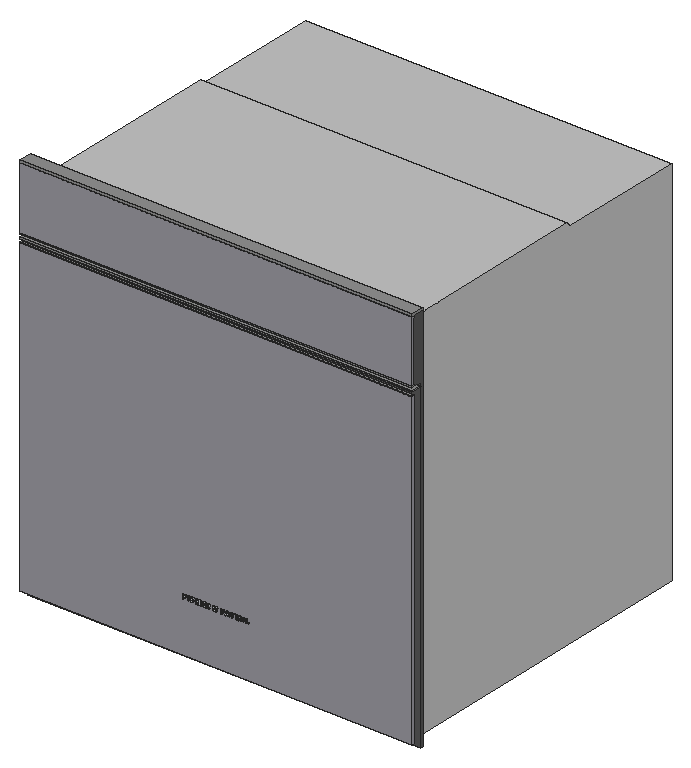
Revit family "FP-Revit20-en-OS60SMTNB1-OS60SMTNG1-SteamOven-0-90003586A-AU-NZ-SG-IE-UK-CN", category Specialty Equipment, Revit 2020
Family settings
  Round Connector Dimension = Use Diameter
  Part Type = Normal
  OmniClass Number = 23.40.40.14.17.11
  OmniClass Title = Cookers, Ovens, Stoves
  Work Plane-Based = No
  Always vertical = Yes
  Cut with Voids When Loaded = Yes
  Shared = No
  Room Calculation Point = No
Parameters (values of type "OS60SMTNG1 (Grey Glass)")
  Visibility - Clearance Required = yes
  URL = "www.fisherpaykel.com"
  Product - Height = 598 mm  # constant formula
  Product - Width = 596 mm  # constant formula
  Product - Depth (Exc. Handles) = 565 mm  # constant formula
  Opening - Height = 487 mm  # constant formula
  Model = "OS60SMTNG1"
  Material - Trim = Fisher & Paykel - Aluminium, Dark
  Material - Structure = Fisher & Paykel - Black
  Material - Glass = Fisher & Paykel - Glass, Grey
  Material - Body = Fisher & Paykel - Grey
  Manufacturer = "Fisher & Paykel Appliances"
  FFL Offset [instance] = 900 mm
  Description = "Combination Steam Oven, 60cm, 23 Function"
  Default Elevation = 0 mm
  Connector Description - Electrical = "220-240V, 50Hz, 20A"
  Chassis - Width = 556 mm  # constant formula
  Chassis - Height = 575 mm  # constant formula
  Chassis - Depth = 545 mm  # constant formula
  Cavity - Width = 560 mm  # constant formula
  Cavity - Height = 580 mm  # constant formula
  Cavity - Depth = 550 mm  # constant formula
Types (2, lengths in mm): name | Model | Material - Glass
  OS60MTNB1 (Black Glass) | "OS60NMTNB1" | Fisher & Paykel - Glass, Black
  OS60SMTNG1 (Grey Glass) | "OS60SMTNG1" | Fisher & Paykel - Glass, Grey
Reference planes
  plane 1 "Datum": y = 0
  plane 2: z = -2
  plane 3 "Center (Left/Right)": x = 0
  plane 4 "Product - LHS": x = -298
  plane 5 "Product - RHS": x = 298
  plane 6 "Cavity - RHS": x = 280
  plane 7 "FFL Offset": z = 898
  plane 8 "Chassis - Depth": y = 545
  plane 9 "Front Face": y = -20
  plane 10 "Chassis - Height": z = 1473
  plane 11 "Cavity - Height": z = 1478
  plane 12 "Opening - Height": z = 1385
  plane 13 "Cavity - LHS": x = -280
  plane 14 "Cavity - Depth": y = 550
  plane 15 "Product - Height": z = 1496
  plane 16 "Opening - RHS": x = 300
  plane 17 "Opening - LHS": x = -300
  plane 18 "Chassis - LHS": x = -278
  plane 19 "Chassis RHS": x = 278
Forms (mm)
  Extrusion 1, solid, material "Fisher & Paykel - Grey" <- "Material - Body"
    sketch origin (0, 0, 0) x (0, 1, 0) y (0, 0, 1)
      loop
        line (0, 1473) -> (0, 898) -> (528, 898) -> (528, 1088) -> (545, 1108) -> (545, 1330) -> (498, 1385) -> (498, 1466) -> (305, 1466) -> (298, 1473) -> (0, 1473)
    from -278 to 278
  Extrusion 2, solid, material "Fisher & Paykel - Black" <- "Material - Structure", detail levels fine
    sketch origin (0, 0, 0) x (0, 1, 0) y (0, 0, 1)
      loop
        line (0, 1492.7) -> (-16, 1492.7) -> (-16, 1396) -> (-4, 1396) -> (-4, 898) -> (0, 898) -> (0, 1492.7)
    from -298 to 298
  Extrusion 3, solid, material "Fisher & Paykel - Glass, Grey" <- "Material - Glass", detail levels fine
    sketch origin (0, 0, -3) x (0, 1, 0) y (0, 0, 1)
      loop
        line (-20, 1386.4) -> (-20, 912.8) -> (-16, 912.8) -> (-16, 1386.4) -> (-20, 1386.4)
      loop
        line (-20, 1400.8) -> (-16, 1400.8) -> (-16, 1495.7) -> (-20, 1495.7) -> (-20, 1400.8)
    from -298 to 298
  Extrusion 4, solid, material "Fisher & Paykel - Clearance Required", visible <- "Visibility - Clearance Required", detail levels coarse
    sketch origin (0, 0, -2) x (1, 0, 0) y (0, 1, 0)
      loop
        line (-280, 0) -> (280, 0) -> (280, 550) -> (-280, 550) -> (-280, 0)
    from 900 to 1480
  Extrusion 5, void
    sketch origin (0, 0, 0) x (0, 1, 0) y (0, 0, 1)
      loop
        line (-20, 898) -> (0, 898) -> (0, 1385) -> (-20, 1385) -> (-20, 898)
    from -300 to 300
  Extrusion 6, solid, material "Fisher & Paykel - Grey" <- "Material - Body"
    sketch origin (0, 2, 0) x (0, 1, 0) y (0, 0, 1)
      loop
        line (496, 1433.999) -> (496, 1377) -> (517.999, 1377) -> (517.999, 1433.999) -> (496, 1433.999)
    from -221 to -127
  Extrusion 7, solid, material "Fisher & Paykel - Aluminium, Dark" <- "Material - Trim", detail levels fine
    sketch origin (0, 0, -1.199) x (0, 1, 0) y (0, 0, 1)
      loop
        line (-16, 1397.199) -> (-16, 1398.999) -> (-20, 1398.999) -> (-20, 1397.199) -> (-16, 1397.199)
      loop
        line (-16, 1384.599) -> (-16, 1386.199) -> (-20, 1386.199) -> (-20, 1384.599) -> (-16, 1384.599)
      loop
        line (-4, 1390.799) -> (-4, 1392.399) -> (-20, 1392.399) -> (-20, 1390.799) -> (-4, 1390.799)
      loop
        line (0, 1493.899) -> (0, 1497.199) -> (-20, 1497.199) -> (-20, 1493.899) -> (0, 1493.899)
    from -298 to 298
  Extrusion 8, void
    sketch origin (0, 0, -2) x (1, 0, 0) y (0, 1, 0)
      loop
        line (201.865, 545) -> (229, 498) -> (278, 498) -> (278, 545) -> (201.865, 545)
      loop
        line (-201.865, 545) -> (-278, 545) -> (-278, 498) -> (-229, 498) -> (-201.865, 545)
    from 900 to 1480
  Extrusion 9, solid, material "Fisher & Paykel - Grey" <- "Material - Body"
    sketch origin (0, 6.626, -14.403) x (0, 1, 0) y (0, 0, 1)
      loop
        circle (501.374, 1419.903) r 5
    from -271 to -221
  Extrusion 10, void
    sketch origin (0, 0, -2) x (1, 0, 0) y (0, 1, 0)
      loop
        line (-280, 0) -> (280, 0) -> (280, 550) -> (-280, 550) -> (-280, 0)
    from 900 to 1480
  Extrusion 11, solid, material "Fisher & Paykel - Glass, Grey" <- "Material - Glass", detail levels coarse+medium
    sketch origin (0, 0, 0) x (0, 1, 0) y (0, 0, 1)
      loop
        line (0, 1496) -> (-20, 1496) -> (-20, 1396) -> (-4, 1396) -> (-4, 1391.2) -> (-4, 1382.5) -> (-16, 1382.5) -> (-16, 1385) -> (-20, 1385) -> (-20, 909.8) -> (-4, 909.8) -> (-4, 898) -> (0, 898) -> (0, 1496)
    from -298 to 298
  Extrusion 12, solid, material "Fisher & Paykel - Black", detail levels fine
    sketch origin (0, 0, 0) x (0, 1, 0) y (0, 0, 1)
      loop
        line (-16, 1382.5) -> (-16, 909.8) -> (-4, 909.8) -> (-4, 1382.5) -> (-16, 1382.5)
    from -278 to 278
  Extrusion 13, solid, material "Fisher & Paykel - Clearance Required", visible <- "Visibility - Clearance Required", detail levels coarse
    sketch origin (0, 0, -15) x (0, 1, 0) y (0, 0, 1)
      loop
        line (-20, 927.07) -> (-20, 913) -> (0, 913) -> (0, 1400) -> (-20, 1400)
        arc (-20, 1400) -> (-341.757, 1283.845) -> (-490.153, 975.626) r 452.282
        line (-490.153, 975.626) -> (-20, 927.07)
    from -300 to 300
Cuts and joins
  Extrusion 8 cuts Extrusion 1
Text (mm)
  text "Due to ongoing product development, product details are subject to change without notice. \nPlease always refer to www.fisherpaykel.com for the most current product information. \n© Fisher & Paykel 2020" at (41.04, -613.295, 0), in view "Ref. Level (Plan)"
Dimensions and locks
  equal spacing: plane 4 "Product - LHS", plane 3 "Center (Left/Right)", plane 5 "Product - RHS"
  "Product - Width": plane 4 "Product - LHS" to plane 5 "Product - RHS"
  "FFL Offset": plane 7 "FFL Offset" to level
  locked: plane 9 "Front Face" to plane 1 "Datum" at 20
  "Cavity - Height": plane 11 "Cavity - Height" to plane 7 "FFL Offset"
  "Chassis - Height": plane 10 "Chassis - Height" to plane 7 "FFL Offset"
  "Cavity - Depth": plane 1 "Datum" to plane 14 "Cavity - Depth"
  "Cavity - Width": plane 13 "Cavity - LHS" to plane 6 "Cavity - RHS"
  Extrusion 5 to Extrusion 3 = 11.8 mm
  "Chassis - Depth": plane 1 "Datum" to plane 8 "Chassis - Depth"
  equal spacing: plane 13 "Cavity - LHS", plane 3 "Center (Left/Right)", plane 6 "Cavity - RHS"
  "Opening - Height": plane 7 "FFL Offset" to plane 12 "Opening - Height"
  "Product - Height": plane 7 "FFL Offset" to plane 15 "Product - Height"
  equal spacing: cut or joined group of Extrusion 1, Extrusion 8, plane 3 "Center (Left/Right)", cut or joined group of Extrusion 1, Extrusion 8
  "Chassis - Width": cut or joined group of Extrusion 1, Extrusion 8 to cut or joined group of Extrusion 1, Extrusion 8
  nested 1 to plane 15 "Product - Height" = 506 mm
  plane 8 "Chassis - Depth" to plane 9 "Front Face" = 565 mm
  Extrusion 1 sketch curve to Extrusion 1 sketch curve = 190 mm
  locked: nested 1 to Extrusion 13 at 92
  aligned and locked: level to plane 2
  aligned and locked: plane 4 "Product - LHS" to Extrusion 3
  aligned and locked: Extrusion 3 to plane 5 "Product - RHS"
  aligned and locked: plane 4 "Product - LHS" to Extrusion 2
  aligned and locked: Extrusion 2 to plane 5 "Product - RHS"
  aligned and locked: Extrusion 1 to plane 7 "FFL Offset"
  aligned and locked: Extrusion 7 to plane 5 "Product - RHS"
  aligned and locked: Extrusion 7 to Extrusion 3
  aligned and locked: Extrusion 3 to Extrusion 5
  aligned and locked: Extrusion 3 to Extrusion 7
  aligned and locked: Extrusion 7 to plane 1 "Datum"
  aligned and locked: plane 9 "Front Face" to Extrusion 5
  aligned and locked: Extrusion 4 to plane 6 "Cavity - RHS"
  aligned and locked: Extrusion 9 to Extrusion 6
  aligned and locked: plane 11 "Cavity - Height" to Extrusion 4
  aligned and locked: Extrusion 5 to plane 12 "Opening - Height"
  aligned and locked: Extrusion 5 to Extrusion 2
  aligned and locked: Extrusion 7 to plane 15 "Product - Height"
  aligned and locked: Extrusion 7 to Extrusion 2
  aligned and locked: Extrusion 8 to Extrusion 1
  aligned and locked: Extrusion 4 to Extrusion 2
  aligned and locked: Extrusion 4 to Extrusion 8
  aligned and locked: Extrusion 4 to plane 7 "FFL Offset"
  aligned and locked: Extrusion 1 to Extrusion 8
  aligned and locked: Extrusion 11 sketch curve to plane 15 "Product - Height"
  aligned and locked: plane 11 "Cavity - Height" to Extrusion 10
  aligned and locked: Extrusion 2 to Extrusion 10
  aligned and locked: plane 10 "Chassis - Height" to Extrusion 1
  aligned and locked: Extrusion 3 to Extrusion 12
  aligned and locked: Extrusion 2 to Extrusion 3
Automatic sketch dimensions
  Extrusion 2 sketch curve to plane 7 "FFL Offset" = 0 mm
  Extrusion 2 sketch curve to plane 1 "Datum" = 0 mm
  plane 1 "Datum" to Extrusion 2 sketch curve = 4 mm
  Extrusion 2 sketch curve to plane 9 "Front Face" = 4 mm
  Extrusion 2 sketch curve to plane 10 "Chassis - Height" = 77 mm
  plane 15 "Product - Height" to Extrusion 2 sketch curve = 3.3 mm
  Extrusion 3 sketch curve to plane 9 "Front Face" = 0 mm  (x2)
  Extrusion 3 sketch curve to Extrusion 3 sketch curve = 4 mm  (x2)
  plane 7 "FFL Offset" to Extrusion 3 sketch curve = 11.8 mm
  Extrusion 3 sketch curve to plane 10 "Chassis - Height" = 89.6 mm
  Extrusion 3 sketch curve to Extrusion 3 sketch curve = 14.4 mm
  plane 15 "Product - Height" to Extrusion 3 sketch curve = 3.3 mm
  Extrusion 4 sketch curve to plane 13 "Cavity - LHS" = 0 mm
  Extrusion 4 sketch curve to plane 6 "Cavity - RHS" = 0 mm
  plane 1 "Datum" to Extrusion 4 sketch curve = 0 mm
  Extrusion 4 sketch curve to plane 14 "Cavity - Depth" = 0 mm
  Extrusion 5 sketch curve to plane 9 "Front Face" = 0 mm
  Extrusion 5 sketch curve to plane 1 "Datum" = 0 mm
  Extrusion 5 sketch curve to plane 7 "FFL Offset" = 0 mm
  plane 12 "Opening - Height" to Extrusion 5 sketch curve = 0 mm
  Extrusion 6 sketch curve to Extrusion 6 sketch curve = 21.999 mm
  Extrusion 6 sketch curve to plane 10 "Chassis - Height" = 96 mm
  Extrusion 6 sketch curve to plane 10 "Chassis - Height" = 39.001 mm
  Extrusion 7 sketch curve to plane 9 "Front Face" = 0 mm  (x4)
  Extrusion 7 sketch curve to plane 1 "Datum" = 0 mm
  plane 15 "Product - Height" to Extrusion 7 sketch curve = 0 mm
  Extrusion 7 sketch curve to Extrusion 7 sketch curve = 4 mm  (x2)
  plane 1 "Datum" to Extrusion 7 sketch curve = 4 mm
  plane 15 "Product - Height" to Extrusion 7 sketch curve = 3.3 mm
  Extrusion 7 sketch curve to plane 10 "Chassis - Height" = 75.2 mm
  Extrusion 7 sketch curve to Extrusion 7 sketch curve = 1.8 mm
  Extrusion 7 sketch curve to Extrusion 7 sketch curve = 4.8 mm
  Extrusion 7 sketch curve to Extrusion 7 sketch curve = 1.6 mm  (x2)
  Extrusion 7 sketch curve to Extrusion 7 sketch curve = 4.6 mm
  Extrusion 8 sketch curve to plane 8 "Chassis - Depth" = 0 mm  (x2)
  Extrusion 8 sketch curve to plane 18 "Chassis - LHS" = 0 mm
  Extrusion 8 sketch curve to plane 19 "Chassis RHS" = 0 mm
  Extrusion 8 sketch curve to Extrusion 8 sketch curve = 49 mm  (x2)
  Extrusion 8 sketch curve to Extrusion 8 sketch curve = 27.135 mm
  Extrusion 8 sketch curve to Extrusion 8 sketch curve = 76.135 mm
  Extrusion 9 sketch curve to plane 10 "Chassis - Height" = 67.5 mm
  Extrusion 10 sketch curve to plane 13 "Cavity - LHS" = 0 mm
  Extrusion 10 sketch curve to plane 6 "Cavity - RHS" = 0 mm
  plane 1 "Datum" to Extrusion 10 sketch curve = 0 mm
  Extrusion 10 sketch curve to plane 14 "Cavity - Depth" = 0 mm
  Extrusion 11 sketch curve to plane 9 "Front Face" = 0 mm  (x2)
  Extrusion 11 sketch curve to plane 7 "FFL Offset" = 0 mm
  Extrusion 11 sketch curve to plane 1 "Datum" = 0 mm
  Extrusion 11 sketch curve to Extrusion 11 sketch curve = 4 mm
  plane 1 "Datum" to Extrusion 11 sketch curve = 4 mm  (x2)
  plane 7 "FFL Offset" to Extrusion 11 sketch curve = 11.8 mm
  Extrusion 11 sketch curve to plane 10 "Chassis - Height" = 90.5 mm
  Extrusion 11 sketch curve to Extrusion 11 sketch curve = 2.5 mm
  Extrusion 11 sketch curve to Extrusion 11 sketch curve = 8.7 mm
  Extrusion 11 sketch curve to Extrusion 11 sketch curve = 11 mm
  Extrusion 12 sketch curve to plane 9 "Front Face" = 4 mm
  plane 1 "Datum" to Extrusion 12 sketch curve = 4 mm
  plane 7 "FFL Offset" to Extrusion 12 sketch curve = 11.8 mm
  Extrusion 12 sketch curve to plane 10 "Chassis - Height" = 90.5 mm
  Extrusion 6 sketch curve to plane 8 "Chassis - Depth" = 47 mm
  Extrusion 8 sketch curve to plane 8 "Chassis - Depth" = 47 mm  (x2)
  Extrusion 9 sketch curve to plane 8 "Chassis - Depth" = 37 mm
  Extrusion 13 sketch curve to plane 7 "FFL Offset" = 0 mm
  Extrusion 13 sketch curve to plane 9 "Front Face" = 0 mm  (x3)
  Extrusion 13 sketch curve to plane 1 "Datum" = 0 mm
  plane 12 "Opening - Height" to Extrusion 13 sketch curve = 0 mm  (x2)
  plane 9 "Front Face" to Extrusion 13 sketch curve = 18.71 mm
  plane 7 "FFL Offset" to Extrusion 13 sketch curve = 14.07 mm
  Extrusion 13 sketch curve to Extrusion 13 sketch curve = 21.035 mm
  plane 7 "FFL Offset" to Extrusion 13 sketch curve = 62.626 mm
  Extrusion 1 sketch curve to plane 1 "Datum" = 0 mm
  Extrusion 1 sketch curve to plane 10 "Chassis - Height" = 0 mm
  plane 12 "Opening - Height" to Extrusion 1 sketch curve = 0 mm
  Extrusion 1 sketch curve to plane 7 "FFL Offset" = 0 mm
  Extrusion 1 sketch curve to plane 8 "Chassis - Depth" = 0 mm
  Extrusion 1 sketch curve to plane 8 "Chassis - Depth" = 247 mm
  Extrusion 1 sketch curve to Extrusion 1 sketch curve = 7 mm
  Extrusion 1 sketch curve to plane 10 "Chassis - Height" = 7 mm
  Extrusion 1 sketch curve to plane 8 "Chassis - Depth" = 47 mm
  Extrusion 1 sketch curve to plane 8 "Chassis - Depth" = 17 mm
  Extrusion 1 sketch curve to Extrusion 1 sketch curve = 20 mm
  plane 12 "Opening - Height" to Extrusion 1 sketch curve = 55 mm
  radius of Extrusion 9 sketch curve = 5 mm
Nested families
  nested 1: "F&P Logo 100mm" at (0.044, -20, 987.195), type "Grey"
Connectors
  electrical at (-174, 519.999, 1405.5)
    settings: on Extrusion 6, index 1, voltage 240 V, apparent load 0 VA, apparent load phase1 0 VA, apparent load phase2 0 VA, apparent load phase3 0 VA, power factor 1, load classification "Other", number of poles 1, system type 31, power factor state 1, is connector primary yes, connector utility no, sub classification motor no, connector description ""
Definition of nested family "F&P Logo 100mm"
  Parameters (values of type "Grey")
    URL = "www.fisherpaykel.com"
    Material - Logo = none
    Manufacturer = "Fisher & Paykel Appliances"
    Default Elevation = 0 mm
  Reference planes
    plane 1 "Center (Front/Back)": y = 0
    plane 2: z = 0
    plane 3 "Center (Left/Right)": x = 0
    plane 4 "Logo": z = 2.805
  Forms (mm)
    Extrusion 1, solid, material <- "Material - Logo", detail levels fine
      sketch origin (0, 0, 0) x (1, 0, 0) y (0, 0, 1)
        loop
          line (-50.044, 0) -> (-48.47, 0) -> (-48.47, 2.138) -> (-46.011, 2.138) -> (-46.011, 3.472) -> (-48.47, 3.472) -> (-48.47, 4.712) -> (-45.795, 4.712) -> (-45.795, 6.04) -> (-50.044, 6.04) -> (-50.044, 0)
        loop
          line (-42.804, 6.04) -> (-42.804, 0) -> (-41.23, 0) -> (-41.23, 6.04) -> (-42.804, 6.04)
        loop
          line (-30.724, 6.04) -> (-30.724, 0) -> (-29.151, 0) -> (-29.151, 2.42) -> (-26.839, 2.42) -> (-26.839, 0) -> (-25.265, 0) -> (-25.265, 6.04) -> (-26.839, 6.04) -> (-26.839, 3.748) -> (-29.151, 3.748) -> (-29.151, 6.04) -> (-30.724, 6.04)
        loop
          line (-21.906, 6.04) -> (-21.906, 0) -> (-17.602, 0) -> (-17.602, 1.328) -> (-20.347, 1.328) -> (-20.347, 2.42) -> (-17.838, 2.42) -> (-17.838, 3.748) -> (-20.347, 3.748) -> (-20.347, 4.712) -> (-17.602, 4.712) -> (-17.602, 6.04) -> (-21.906, 6.04)
        loop
          line (45.667, 6.04) -> (45.667, 0) -> (49.956, 0) -> (49.956, 1.328) -> (47.241, 1.328) -> (47.241, 6.04) -> (45.667, 6.04)
        loop
          line (42.431, 6.04) -> (38.112, 6.04) -> (38.112, 0) -> (42.431, 0) -> (42.431, 1.328) -> (39.687, 1.328) -> (39.687, 2.42) -> (42.195, 2.42) -> (42.195, 3.748) -> (39.687, 3.748) -> (39.687, 4.712) -> (42.431, 4.712) -> (42.431, 6.04)
        loop
          line (33.443, 3.137) -> (35.683, 6.04) -> (33.844, 6.04) -> (31.915, 3.542) -> (31.915, 6.04) -> (30.342, 6.04) -> (30.342, 0) -> (31.915, 0) -> (31.915, 2.705) -> (33.903, 0) -> (35.747, 0) -> (33.443, 3.137)
        loop
          line (21.98, 6.04) -> (24.262, 2.42) -> (24.262, 0) -> (25.837, 0) -> (25.837, 2.341) -> (28.119, 6.04) -> (26.446, 6.04) -> (25.099, 3.707) -> (23.753, 6.04) -> (21.98, 6.04)
        loop
          line (18.479, 6.04) -> (16.983, 6.04) -> (14.524, 0) -> (16.069, 0) -> (16.501, 1.112) -> (18.786, 1.112) -> (19.219, 0) -> (20.938, 0) -> (18.479, 6.04)
        loop
          line (18.4, 2.439) -> (17.693, 4.174) -> (17.018, 2.439) -> (18.4, 2.439)
        loop
          line (8.031, 6.04) -> (8.031, 0) -> (9.605, 0) -> (9.605, 1.938) -> (10.599, 1.938)
          arc (10.599, 1.938) -> (12.65, 3.989) -> (10.599, 6.04) r 2.051
          line (10.599, 6.04) -> (8.031, 6.04)
        loop
          line (9.605, 4.712) -> (9.605, 3.197) -> (10.501, 3.197)
          arc (10.501, 3.197) -> (11.259, 3.954) -> (10.501, 4.712) r 0.757
          line (10.501, 4.712) -> (9.605, 4.712)
        loop
          line (-11.783, 6.04) -> (-14.366, 6.04) -> (-14.366, 0) -> (-12.792, 0) -> (-12.792, 1.336) -> (-11.992, 1.336) -> (-10.972, 0) -> (-9.153, 0) -> (-10.694, 1.973)
          arc (-10.694, 1.973) -> (-9.678, 4.424) -> (-11.783, 6.04) r 2.179
        loop
          line (-11.897, 4.712) -> (-12.792, 4.712) -> (-12.792, 3.053) -> (-11.897, 3.053)
          arc (-11.897, 3.053) -> (-11.068, 3.882) -> (-11.897, 4.712) r 0.83
        loop
          line (0.477, 4.712) -> (0.477, 6.153) -> (-3.575, 6.153) -> (-3.575, 4.851) -> (-2.974, 4.112)
          arc (-2.974, 4.112) -> (-3.51, 0.684) -> (-0.045, 0.512) r 2.334
          line (-0.045, 0.512) -> (0.46, -0.109) -> (2.246, -0.109) -> (0.86, 1.594) -> (2.061, 3.324) -> (0.443, 3.324) -> (-0.013, 2.667) -> (-1.677, 4.712) -> (0.477, 4.712)
        loop
          arc (-2.125, 3.068) -> (-2.269, 1.668) -> (-0.868, 1.524) r 0.996
          line (-0.868, 1.524) -> (-2.125, 3.068)
        loop
          line (-35.18, 3.634) -> (-36.516, 3.91)
          arc (-36.516, 3.91) -> (-37.049, 4.443) -> (-36.516, 4.976) r 0.533
          arc (-36.516, 4.976) -> (-35.235, 4.79) -> (-34.059, 4.248) r 4.505
          line (-34.059, 4.248) -> (-34.059, 5.743)
          arc (-34.059, 5.743) -> (-35.549, 6.179) -> (-37.1, 6.109) r 4.726
          arc (-37.1, 6.109) -> (-38.536, 4.335) -> (-37.1, 2.561) r 1.814
          line (-37.1, 2.561) -> (-35.754, 2.282)
          arc (-35.754, 2.282) -> (-35.221, 1.749) -> (-35.754, 1.216) r 0.533
          arc (-35.754, 1.216) -> (-37.035, 1.402) -> (-38.211, 1.945) r 4.505
          line (-38.211, 1.945) -> (-38.211, 0.449)
          arc (-38.211, 0.449) -> (-36.72, 0.013) -> (-35.169, 0.083) r 4.726
          arc (-35.169, 0.083) -> (-33.734, 1.863) -> (-35.18, 3.634) r 1.814
      from 0 to 0.8
  Dimensions and locks
    aligned and locked: level to plane 2
